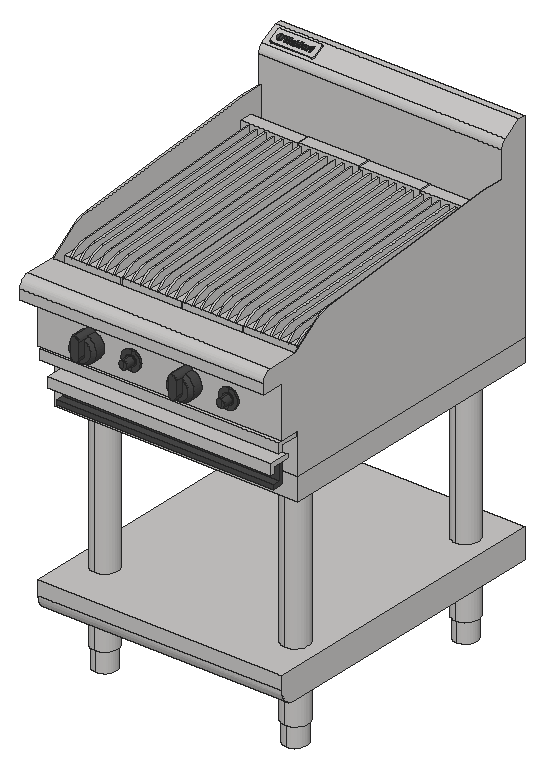
Revit family "QF_MOFFAT WALDORF_CH8600G-LS", category Specialty Equipment, Revit 2012 (continued)
Connectors
  piping at (216, -32, 555)
    settings: on Extrusion 41, index 1, connector radius 0.37402", flow factor 0, pipe flow 0 GPM, pressure drop 0.00 psi, fitting loss kfactor 0, connector angle 0.00°, fixture units 0, engagement length 0 mm, flow configuration 1, flow direction 1, fitting loss method 0, system type 7, joint type 0, gender type 0, connector reference index -1, connector utility 0, adjustable connector no, is connector primary yes, fitting loss table "", connector description "GAS CONNECTION"
Definition of nested family "WALDORF LOGO_FACE BASE"
  Parameters (values of type "WALDORF LOGO_FACE BASE")
    Show Logo [instance] = yes
    Default Elevation = 1219.2 mm
  Reference planes
    plane 1 "Center (Front/Back)": y = 0
    plane 2: z = 0
    plane 3 "Center (Left/Right)": x = 0
  Forms (mm)
    Extrusion 1, solid
      sketch origin (0, 0, 0) x (1, 0, 0) y (0, 1, 0)
        loop
          line (-1219.2, 1219.2) -> (-1219.2, -1219.2) -> (1219.2, -1219.2) -> (1219.2, 1219.2) -> (-1219.2, 1219.2)
      from 0 to -304.8
    Extrusion 2, solid, material "QF_Finishes_Stainless Steel", visible <- "Show Logo"
      sketch origin (0, -33.217, 0) x (1, 0, 0) y (0, 1, 0)
        loop
          arc (5, 34.14) -> (1.464, 32.676) -> (0, 29.14) r 5
          line (0, 29.14) -> (0, 5)
          arc (0, 5) -> (1.464, 1.464) -> (5, 0) r 5
          line (5, 0) -> (104, 0)
          arc (104, 0) -> (107.536, 1.464) -> (109, 5) r 5
          line (109, 5) -> (109, 29.14)
          arc (109, 29.14) -> (107.536, 32.676) -> (104, 34.14) r 5
          line (104, 34.14) -> (5, 34.14)
      from 0 to 1.588
    Extrusion 3, solid, material "QF_Finishes_Black", visible <- "Show Logo"
      sketch origin (0, -33.217, 1.588) x (1, 0, 0) y (0, 1, 0)
        loop
          line (24.772, 23.214) -> (27.992, 10.301) -> (31.551, 10.301) -> (33.443, 17.364) -> (35.205, 10.301) -> (39.332, 10.301) -> (42.077, 23.214) -> (38.352, 23.214) -> (36.676, 15.33) -> (35, 23.214) -> (31.752, 23.214) -> (30.076, 15.33) -> (28.4, 23.214) -> (24.772, 23.214)
        loop
          line (42.272, 17.055) -> (45.703, 17.055)
          spline (45.703, 17.055) -> (45.741, 17.285) -> (45.852, 17.499) -> (46.028, 17.682) -> (46.258, 17.823) -> (46.526, 17.912) -> (46.813, 17.942) -> (47.1, 17.912) -> (47.368, 17.823) -> (47.597, 17.682) -> (47.774, 17.499) -> (47.884, 17.285) -> (47.922, 17.055)
          line (47.922, 17.055) -> (47.922, 16.222)
          arc (47.922, 16.222) -> (45.742, 16.014) -> (43.665, 15.317) r 9.604
          arc (43.665, 15.317) -> (41.924, 12.809) -> (43.665, 10.301) r 2.677
          arc (43.665, 10.301) -> (45.527, 10.353) -> (47.332, 10.816) r 8.365
          line (47.332, 10.816) -> (48.092, 11.105) -> (48.092, 10.301) -> (51.817, 10.301) -> (51.817, 17.055)
          spline (51.817, 17.055) -> (51.654, 17.821) -> (51.178, 18.535) -> (50.419, 19.148) -> (49.431, 19.619) -> (48.28, 19.914) -> (47.044, 20.015) -> (45.809, 19.914) -> (44.658, 19.619) -> (43.67, 19.148) -> (42.911, 18.535) -> (42.434, 17.821) -> (42.272, 17.055)
        loop
          line (53.151, 23.214) -> (53.151, 10.301) -> (57.37, 10.301) -> (57.37, 23.214) -> (53.151, 23.214)
        loop
          line (64.874, 23.214) -> (64.874, 18.857)
          arc (64.874, 18.857) -> (58.083, 15.11) -> (64.874, 11.363) r 4.429
          line (64.874, 11.363) -> (64.874, 10.301) -> (68.378, 10.301) -> (68.378, 23.214) -> (64.874, 23.214)
        loop
          arc (64.874, 16.083) -> (61.41, 14.987) -> (64.874, 13.891) r 1.905
          line (64.874, 13.891) -> (64.874, 16.083)
        loop
          circle (74.623, 15.223) r 5
        loop
          spline (74.623, 17.856) -> (74.355, 17.766) -> (74.105, 17.503) -> (73.891, 17.084) -> (73.726, 16.539) -> (73.623, 15.904) -> (73.588, 15.223) -> (73.623, 14.541) -> (73.726, 13.906) -> (73.891, 13.361) -> (74.105, 12.942) -> (74.355, 12.679) -> (74.623, 12.59)
          spline (74.623, 12.59) -> (74.891, 12.679) -> (75.141, 12.942) -> (75.355, 13.361) -> (75.52, 13.906) -> (75.623, 14.541) -> (75.659, 15.223) -> (75.623, 15.904) -> (75.52, 16.539) -> (75.355, 17.084) -> (75.141, 17.503) -> (74.891, 17.766) -> (74.623, 17.856)
        loop
          line (81.255, 19.813) -> (81.255, 10.301) -> (84.834, 10.301) -> (84.834, 14.176)
          arc (84.834, 14.176) -> (85.854, 16.093) -> (88.013, 16.32) r 2.313
          line (88.013, 16.32) -> (88.013, 19.813) -> (87.161, 19.813)
          arc (87.161, 19.813) -> (85.526, 19.266) -> (84.549, 17.844) r 2.717
          line (84.549, 17.844) -> (84.549, 19.813) -> (81.255, 19.813)
        loop
          line (90.249, 19.813) -> (88.91, 19.813) -> (88.91, 17.614) -> (90.249, 17.614) -> (90.249, 10.301) -> (93.998, 10.301) -> (93.998, 17.614) -> (95.418, 17.614) -> (95.418, 19.813) -> (93.998, 19.813)
          arc (93.998, 19.813) -> (94.414, 20.817) -> (95.418, 21.233) r 1.42
          line (95.418, 21.233) -> (95.418, 23.602) -> (93.317, 23.602)
          arc (93.317, 23.602) -> (91.343, 22.903) -> (90.249, 21.118) r 3.137
          line (90.249, 21.118) -> (90.249, 19.813)
        loop
          arc (15.241, 23.571) -> (8.392, 16.525) -> (15.241, 9.479) r 7.049
          line (15.241, 9.479) -> (15.241, 23.571)
        loop
          line (15.641, 23.571) -> (15.641, 9.479)
          arc (15.641, 9.479) -> (22.49, 16.525) -> (15.641, 23.571) r 7.049
        loop
          arc (47.922, 14.711) -> (46.266, 13.749) -> (47.922, 12.787) r 1.107
          line (47.922, 12.787) -> (47.922, 14.711)
      from 0 to 0.2
  Dimensions and locks
    aligned and locked: plane 2 to Extrusion 1
    aligned and locked: level to Extrusion 1
